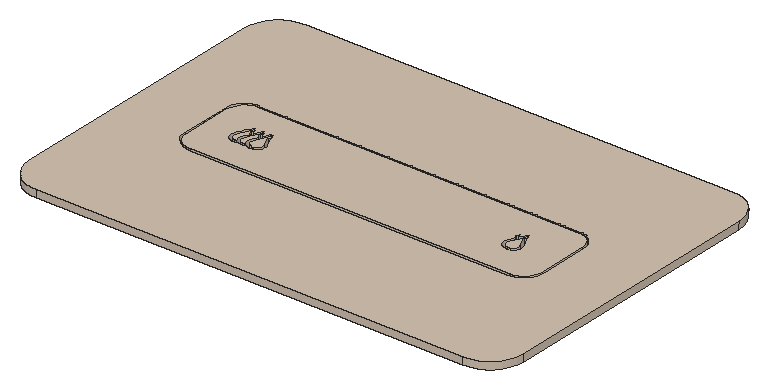
Revit family "Deca_Acabamento de Descarga para Caixa Embutida_Deca You_4900.01", category Plumbing Fixtures, host Face, Revit 2020
Family settings
  Host = Face
  Round Connector Dimension = Use Diameter
  Part Type = Normal
  Cut with Voids When Loaded = No
  Shared = No
  Room Calculation Point = No
Parameters (values of type "4900.GL01.RD_Red Gold")
  Vazão na Pressão mín. (L/min) = "-"
  Vazão na Pressão máx. (L/min) = "-"
  URL = "www.deca.com.br"
  Tipo de rosca de saída = "-"
  Tipo de rosca de entrada = "-"
  Tipo de mecanismo utilizado = "-"
  Tipo de dispositivo economizador = "-"
  Segmento = "-"
  Saída de Esgoto = "-"
  Pressão mín. funcionamento = "-"
  Pressão mín. Aquec. Passagem = "-"
  Pressão mín. Aquec. Acúmulo = "-"
  Pressão máx. funcionamento = "-"
  Pressão = ""
  Peso Líquido (Kg) = 1.41
  Norma = "Não Possui"
  Model = "4900.GL01.RD"
  Material = Deca_Red Gold
  Manufacturer = "Deca"
  Linha = "Deca You"
  Itens de Instalação = "-"
  Informações Complementares = "-"
  Description = "Acabamento Caixa Embutida -Red Gold"
  Default Elevation = 1100 mm
  Código Pai = "4900.C01"
  Criado por = "quattroD"
  Cores Componente = "-"
  Cor Secundária = "-"
  Cor Principal = "Red Gold"
  Cor Interna = "-"
  Consumo = "-"
  Composição Componente = "-"
  Composição Básica = "Liga de Cobre (bronze e latão),Plásticos de Engenharia,Elastômeros"
  Composição Assento = "-"
  Composição Anel Vedação = "-"
  Categoria = "SISTEMAS DE DESCARGA"
  Atendimento ao Cliente = "0800 011 7073"
  Aprovado por = "quattroD"
  Acompanha o Produto = "MÓDULO DE ACIONAMENTO MECÂNICO , TRAVAS E PARAFUSOS DE FIXAÇÃO"
Types (8, lengths in mm): name | Model | Material | Description | Cor Principal
  4900.C01_Cromado | "4900.C01" | Deca_Cromado | "Acabamento para Caixa Embutida - Cromado" | "Cromado"
  4900.GF01.MT_Dark Antracite | "4900.GF01.MT" | Deca_Dark Antracite | "Acabamento Caixa Embutida - Dark Antracite" | "Dark Antracite"
  4900.BL01.MT_Black Matte | "4900.BL01.MT" | Deca_Black Matte | "Acabamento Caixa Embutida -Black Matte" | "Black Matte"
  4900.CT01.MT_Corten | "4900.CT01.MT" | Deca_Corten | "Acabamento Caixa Embutida - Corten" | "Cortén"
  4900.INX01_Inox | "4900.INX01" | Deca_Inox | "Acabamento Caixa Embutida - Inox" | "Inox"
  4900.MR01.MT_Brown Matte | "4900.MR01.MT" | Deca_Brown Matte | "Acabamento Caixa Embutida - Brown Matte" | "Brown Matte"
  4900.SM01.MT_Summer Gold | "4900.SM01.MT" | Deca_Summer Gold | "Acabamento Caixa Embutida -Summer Gold" | "Summer Gold"
  4900.GL01.RD_Red Gold | "4900.GL01.RD" | Deca_Red Gold | "Acabamento Caixa Embutida -Red Gold" | "Red Gold"
Reference planes
  plane 1 "Center (Front/Back)": y = 0
  plane 2: z = 0
  plane 3 "Center (Left/Right)": x = 0
Forms (mm)
  Extrusion 1, solid, material "Deca_Red Gold" <- "Material"
    sketch origin (0, 0, 0) x (1, 0, 0) y (0, 1, 0)
      loop
        arc (-110, -60) -> (-105.607, -70.607) -> (-95, -75) r 15
        line (-95, -75) -> (95, -75)
        arc (95, -75) -> (105.607, -70.607) -> (110, -60) r 15
        line (110, -60) -> (110, 60)
        arc (110, 60) -> (105.607, 70.607) -> (95, 75) r 15
        line (95, 75) -> (-95, 75)
        arc (-95, 75) -> (-105.607, 70.607) -> (-110, 60) r 15
        line (-110, 60) -> (-110, -60)
      loop
        arc (71, -20) -> (77.364, -17.364) -> (80, -11) r 9
        line (80, -11) -> (80, 11)
        arc (80, 11) -> (77.364, 17.364) -> (71, 20) r 9
        line (71, 20) -> (-71, 20)
        arc (-71, 20) -> (-77.364, 17.364) -> (-80, 11) r 9
        line (-80, 11) -> (-80, -11)
        arc (-80, -11) -> (-77.364, -17.364) -> (-71, -20) r 9
        line (-71, -20) -> (71, -20)
      loop
        arc (-79, -11) -> (-76.657, -16.657) -> (-71, -19) r 8
        line (-71, -19) -> (71, -19)
        arc (71, -19) -> (76.657, -16.657) -> (79, -11) r 8
        line (79, -11) -> (79, 11)
        arc (79, 11) -> (76.657, 16.657) -> (71, 19) r 8
        line (71, 19) -> (-71, 19)
        arc (-71, 19) -> (-76.657, 16.657) -> (-79, 11) r 8
        line (-79, 11) -> (-79, -11)
      loop
        arc (-63.19, 3.224) -> (-62.607, 4.402) -> (-61.995, 5.565) r 53.48
        arc (-61.995, 5.565) -> (-62.489, 6.167) -> (-63.221, 5.901) r 0.674
        spline (-63.221, 5.901) -> (-64.059, 4.374) -> (-64.658, 3.236) -> (-65.234, 2.05) -> (-65.802, 0.791) -> (-66.169, -0.14) -> (-66.526, -1.372) -> (-66.553, -2.504) -> (-66.175, -3.698) -> (-65.402, -4.77) -> (-64.404, -5.482) -> (-63.341, -5.832) -> (-61.822, -5.806)
        arc (-61.822, -5.806) -> (-61.29, -5.664) -> (-60.794, -5.423) r 2.907
        arc (-60.794, -5.423) -> (-58.919, -5.9) -> (-57.044, -5.423) r 3.927
        arc (-57.044, -5.423) -> (-52.357, -4.699) -> (-51.716, 0) r 3.966
        line (-51.716, 0) -> (-54.193, 5.168) -> (-54.926, 3.754) -> (-52.718, -1.123)
        arc (-52.718, -1.123) -> (-52.827, -3.182) -> (-54.429, -4.48) r 2.537
        spline (-54.429, -4.48) -> (-55.357, -4.595) -> (-56.192, -4.386) -> (-56.866, -3.97) -> (-57.37, -3.393) -> (-57.66, -2.735) -> (-57.791, -2.149) -> (-57.734, -1.512) -> (-57.509, -0.752) -> (-57.205, 0.035) -> (-56.87, 0.809) -> (-56.443, 1.722) -> (-55.693, 3.224)
        line (-55.693, 3.224) -> (-54.532, 5.473)
        arc (-54.532, 5.473) -> (-54.964, 6.185) -> (-55.739, 5.88) r 0.646
        arc (-55.739, 5.88) -> (-56.405, 4.679) -> (-57.044, 3.463) r 59.475
        line (-57.044, 3.463) -> (-57.947, 5.159) -> (-58.675, 3.749) -> (-57.774, 2.001)
        spline (-57.774, 2.001) -> (-58.337, 0.709) -> (-58.608, 0.038) -> (-58.767, -0.404) -> (-58.883, -0.775) -> (-58.985, -1.172) -> (-59.067, -1.639) -> (-59.094, -2.087) -> (-59.062, -2.463) -> (-58.971, -2.931) -> (-58.82, -3.414) -> (-58.629, -3.828) -> (-58.179, -4.48)
        spline (-58.179, -4.48) -> (-59.107, -4.595) -> (-59.94, -4.386) -> (-60.614, -3.971) -> (-61.118, -3.394) -> (-61.408, -2.736) -> (-61.539, -2.151) -> (-61.482, -1.514) -> (-61.257, -0.755) -> (-60.953, 0.032) -> (-60.618, 0.805) -> (-60.191, 1.718) -> (-59.442, 3.218)
        arc (-59.442, 3.218) -> (-58.873, 4.371) -> (-58.278, 5.51) r 58.251
        arc (-58.278, 5.51) -> (-58.732, 6.191) -> (-59.489, 5.88) r 0.646
        line (-59.489, 5.88) -> (-60.794, 3.463) -> (-61.697, 5.159) -> (-62.425, 3.749) -> (-61.521, 1.995)
        spline (-61.521, 1.995) -> (-62.084, 0.704) -> (-62.354, 0.034) -> (-62.513, -0.408) -> (-62.629, -0.779) -> (-62.73, -1.175) -> (-62.813, -1.642) -> (-62.84, -2.089) -> (-62.808, -2.465) -> (-62.717, -2.933) -> (-62.566, -3.415) -> (-62.375, -3.829) -> (-61.926, -4.48)
        spline (-61.926, -4.48) -> (-62.854, -4.595) -> (-63.688, -4.386) -> (-64.363, -3.97) -> (-64.866, -3.393) -> (-65.157, -2.735) -> (-65.288, -2.149) -> (-65.23, -1.512) -> (-65.006, -0.752) -> (-64.702, 0.035) -> (-64.367, 0.809) -> (-63.939, 1.722) -> (-63.19, 3.224)
      loop
        arc (58.434, 5.88) -> (57.767, 4.679) -> (57.128, 3.463) r 59.475
        line (57.128, 3.463) -> (56.225, 5.159) -> (55.498, 3.749) -> (56.399, 2.001)
        spline (56.399, 2.001) -> (55.835, 0.709) -> (55.565, 0.038) -> (55.405, -0.404) -> (55.289, -0.775) -> (55.188, -1.172) -> (55.106, -1.639) -> (55.078, -2.087) -> (55.11, -2.463) -> (55.201, -2.931) -> (55.352, -3.414) -> (55.543, -3.828) -> (55.993, -4.48)
        arc (55.993, -4.48) -> (56.512, -5.01) -> (57.128, -5.423) r 3.613
        arc (57.128, -5.423) -> (61.815, -4.699) -> (62.456, 0) r 3.966
        line (62.456, 0) -> (59.979, 5.168) -> (59.247, 3.754) -> (61.454, -1.123)
        arc (61.454, -1.123) -> (61.345, -3.182) -> (59.743, -4.48) r 2.537
        spline (59.743, -4.48) -> (58.815, -4.595) -> (57.981, -4.386) -> (57.306, -3.97) -> (56.802, -3.393) -> (56.512, -2.735) -> (56.381, -2.149) -> (56.438, -1.512) -> (56.663, -0.752) -> (56.967, 0.035) -> (57.302, 0.809) -> (57.73, 1.722) -> (58.479, 3.224)
        line (58.479, 3.224) -> (59.64, 5.473)
        arc (59.64, 5.473) -> (59.208, 6.185) -> (58.434, 5.88) r 0.646
    from 0 to 3.175
Lines and regions (mm)
  Masking region 1
    outline origin (0, 0, 0) x (1, 0, 0) y (0, 0, 1)
      loop
        line (110, 3.175) -> (-110, 3.175) -> (-110, 0) -> (110, 0) -> (110, 3.175)
  Masking region 2
    outline origin (0, 0, 0) x (1, 0, 0) y (0, 1, 0)
      loop
        arc (-110, -60) -> (-105.607, -70.607) -> (-95, -75) r 15
        line (-95, -75) -> (95, -75)
        arc (95, -75) -> (105.607, -70.607) -> (110, -60) r 15
        line (110, -60) -> (110, 60)
        arc (110, 60) -> (105.607, 70.607) -> (95, 75) r 15
        line (95, 75) -> (-95, 75)
        arc (-95, 75) -> (-105.607, 70.607) -> (-110, 60) r 15
        line (-110, 60) -> (-110, -60)
  Masking region 3
    outline origin (0, 0, 0) x (0, 1, 0) y (0, 0, 1)
      loop
        line (75, 3.175) -> (-75, 3.175) -> (-75, 0) -> (75, 0) -> (75, 3.175)
  symbolic lines
    curve 1: arc (-63.19, 3.224, 0) -> (-62.591, 4.433, 0) -> (-61.962, 5.626, 0) r 53.48
    curve 2: arc (-62.118, 5.907, 0) -> (-62.196, 5.999, 0) -> (-62.289, 6.075, 0) r 0.674
    curve 3: arc (-59.489, 5.88, 0) -> (-60.156, 4.679, 0) -> (-60.794, 3.463, 0) r 59.466
    curve 4: arc (-59.44, 3.224, 0) -> (-58.841, 4.432, 0) -> (-58.215, 5.626, 0) r 58.251
    curve 5: arc (-55.739, 5.88, 0) -> (-56.405, 4.679, 0) -> (-57.044, 3.463, 0) r 59.475
    curve 6: arc (-55.693, 3.224, 0) -> (-55.094, 4.433, 0) -> (-54.465, 5.626, 0) r 53.48
    curve 7: arc (-62.289, 6.075, 0) -> (-62.803, 6.177, 0) -> (-63.235, 5.88, 0) r 0.674
    curve 8: line (-63.235, 5.88, 0) -> (-61.838, -5.809, 0)
    curve 9: line (-63.19, 3.224, 0) -> (-61.926, -4.48, 0)
    curve 10: line (-63.235, 5.88, 0) -> (-61.838, -5.809, 0)
    curve 11: arc (-61.838, -5.809, 0) -> (-61.298, -5.666, 0) -> (-60.794, -5.423, 0) r 2.907
    curve 12: line (-61.926, -4.48, 0) -> (-61.521, 1.995, 0)
    curve 13: line (-61.521, 1.995, 0) -> (-62.425, 3.749, 0)
    curve 14: line (-62.425, 3.749, 0) -> (-61.697, 5.159, 0)
    curve 15: line (-61.697, 5.159, 0) -> (-60.794, 3.463, 0)
    curve 16: line (-60.794, 3.463, 0) -> (-59.489, 5.88, 0)
    curve 17: line (-58.215, 5.626, 0) -> (-58.392, 5.944, 0)
    curve 18: arc (-59.489, 5.88, 0) -> (-58.958, 6.218, 0) -> (-58.392, 5.944, 0) r 0.646
    curve 19: line (-61.962, 5.626, 0) -> (-62.118, 5.907, 0)
    curve 20: arc (-59.443, 3.224, 0) -> (-58.844, 4.433, 0) -> (-58.215, 5.626, 0) r 53.48
    curve 21: line (-59.443, 3.224, 0) -> (-58.179, -4.48, 0)
    curve 22: line (-55.693, 3.224, 0) -> (-54.429, -4.48, 0)
    curve 23: line (-58.179, -4.48, 0) -> (-57.774, 2.001, 0)
    curve 24: line (-57.774, 2.001, 0) -> (-58.675, 3.749, 0)
    curve 25: line (-58.675, 3.749, 0) -> (-57.947, 5.159, 0)
    curve 26: line (-57.947, 5.159, 0) -> (-57.044, 3.463, 0)
    curve 27: line (-54.465, 5.626, 0) -> (-54.642, 5.944, 0)
    curve 28: arc (-55.739, 5.88, 0) -> (-55.208, 6.218, 0) -> (-54.642, 5.944, 0) r 0.646
    curve 29: arc (-60.794, -5.423, 0) -> (-58.919, -5.9, 0) -> (-57.044, -5.423, 0) r 3.927
    curve 30: arc (-57.044, -5.423, 0) -> (-52.357, -4.699, 0) -> (-51.716, 0, 0) r 3.966
    curve 31: arc (-54.429, -4.48, 0) -> (-52.827, -3.182, 0) -> (-52.718, -1.123, 0) r 2.537
    curve 32: line (-52.718, -1.123, 0) -> (-54.926, 3.754, 0)
    curve 33: line (-51.716, 0, 0) -> (-54.193, 5.168, 0)
    curve 34: line (-54.193, 5.168, 0) -> (-54.926, 3.754, 0)
    curve 73: line (-110, 0, 3.175) -> (110, 0, 3.175)
    curve 74: line (-110, 0, 0) -> (-110, 0, 3.175)
    curve 75: line (110, 0, 0) -> (-110, 0, 0)
    curve 76: line (110, 0, 3.175) -> (110, 0, 0)
    curve 77: line (0, 75, 3.175) -> (0, -75, 3.175)
    curve 78: line (0, 75, 0) -> (0, 75, 3.175)
    curve 79: line (0, -75, 0) -> (0, 75, 0)
    curve 80: line (0, -75, 3.175) -> (0, -75, 0)
  symbolic lines, style "PlumbingFixtures"
    curve 35: arc (58.434, 5.88, 0) -> (57.767, 4.679, 0) -> (57.128, 3.463, 0) r 59.475
    curve 36: line (58.479, 3.224, 0) -> (59.743, -4.48, 0)
    curve 37: line (55.993, -4.48, 0) -> (56.399, 2.001, 0)
    curve 38: line (56.399, 2.001, 0) -> (55.498, 3.749, 0)
    curve 39: line (55.498, 3.749, 0) -> (56.225, 5.159, 0)
    curve 40: line (56.225, 5.159, 0) -> (57.128, 3.463, 0)
    curve 41: arc (58.434, 5.88, 0) -> (59.208, 6.185, 0) -> (59.64, 5.473, 0) r 0.646
    curve 42: arc (57.128, -5.423, 0) -> (61.815, -4.699, 0) -> (62.456, 0, 0) r 3.966
    curve 43: arc (59.743, -4.48, 0) -> (61.345, -3.182, 0) -> (61.454, -1.123, 0) r 2.537
    curve 44: line (61.454, -1.123, 0) -> (59.247, 3.754, 0)
    curve 45: line (62.456, 0, 0) -> (59.979, 5.168, 0)
    curve 46: line (59.979, 5.168, 0) -> (59.247, 3.754, 0)
    curve 47: line (58.479, 3.224, 0) -> (59.64, 5.473, 0)
    curve 48: arc (55.993, -4.48, 0) -> (56.512, -5.01, 0) -> (57.128, -5.423, 0) r 3.613
    curve 49: line (-110, -60, 0) -> (-110, 60, 0)
    curve 50: line (-95, 75, 0) -> (95, 75, 0)
    curve 51: line (110, 60, 0) -> (110, -60, 0)
    curve 52: line (95, -75, 0) -> (-95, -75, 0)
    curve 53: line (71, -20, 0) -> (-71, -20, 0)
    curve 54: line (-80, -11, 0) -> (-80, 11, 0)
    curve 55: line (80, 11, 0) -> (80, -11, 0)
    curve 56: line (-71, 20, 0) -> (71, 20, 0)
    curve 57: arc (-110, 60, 0) -> (-105.607, 70.607, 0) -> (-95, 75, 0) r 15
    curve 58: arc (-110, -60, 0) -> (-105.607, -70.607, 0) -> (-95, -75, 0) r 15
    curve 59: arc (95, -75, 0) -> (105.607, -70.607, 0) -> (110, -60, 0) r 15
    curve 60: arc (-80, -11, 0) -> (-77.364, -17.364, 0) -> (-71, -20, 0) r 9
    curve 61: arc (-80, 11, 0) -> (-77.364, 17.364, 0) -> (-71, 20, 0) r 9
    curve 62: arc (71, 20, 0) -> (77.364, 17.364, 0) -> (80, 11, 0) r 9
    curve 63: arc (80, -11, 0) -> (77.364, -17.364, 0) -> (71, -20, 0) r 9
    curve 64: arc (95, 75, 0) -> (105.607, 70.607, 0) -> (110, 60, 0) r 15
    curve 65: line (-79, -11, 0) -> (-79, 11, 0)
    curve 66: line (-71, 19, 0) -> (71, 19, 0)
    curve 67: line (71, -19, 0) -> (-71, -19, 0)
    curve 68: line (79, 11, 0) -> (79, -11, 0)
    curve 69: arc (-79, 11, 0) -> (-76.657, 16.657, 0) -> (-71, 19, 0) r 8
    curve 70: arc (-71, -19, 0) -> (-76.657, -16.657, 0) -> (-79, -11, 0) r 8
    curve 71: arc (71, -19, 0) -> (76.657, -16.657, 0) -> (79, -11, 0) r 8
    curve 72: arc (71, 19, 0) -> (76.657, 16.657, 0) -> (79, 11, 0) r 8
Dimensions and locks
  aligned and locked: plane 2 to host face
  aligned and locked: level to host face
